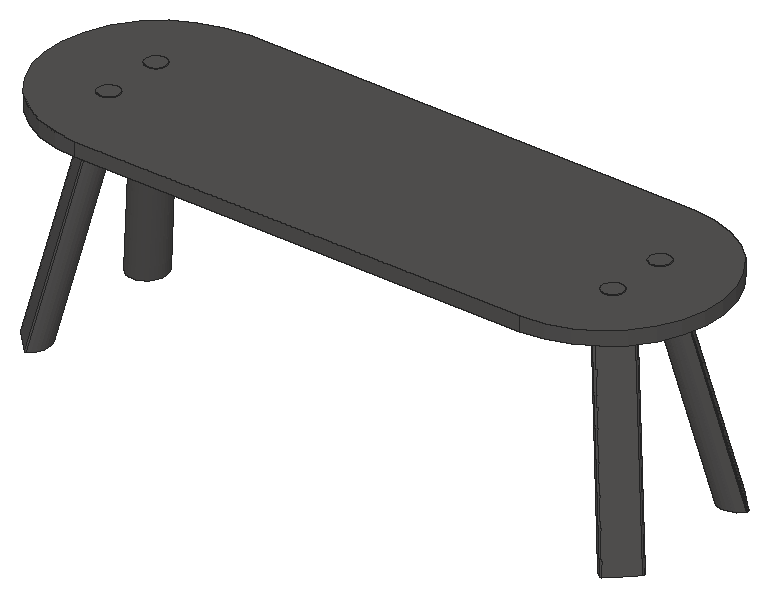
Revit family "Haworth_BuzziMilk_Large Occasional_Table", category Furniture, Revit 2018
Family settings
  OmniClass Number = 23.40.70.14.64.21
  OmniClass Title = Systems Furniture
  Work Plane-Based = No
  Always vertical = Yes
  Cut with Voids When Loaded = No
  Shared = No
  Room Calculation Point = No
Parameters (values of type "HCBZ-MKTO-2")
  Warranty = "http://www.haworth.com/resources/product-info/warranties"
  URL - Product = "https://www.haworth.com/products/tables/side-tables/buzzimilk-table"
  URL = "http://www.haworth.com/our-brands/haworth-collection"
  Table Finish [instance] = Haworth _ Wood _ Stained Ash _ Black (BAS-BLK)
  Size = "Verify Final Dim. w/ Haworth"  # constant formula
  Revision Number = "1"  # constant formula
  Model = "HCBZ-MKTO"  # constant formula
  Manufacturer = "Haworth"  # constant formula
  Description = "Haworth BuzziMilk Large Occasional Table"  # constant formula
  Author = "Haworth (Abd Rahman)"  # constant formula
  Assembly Code = "E2020200"
  Actual Width = 46.85156"  # constant formula
  Actual Height = 15.55078"  # constant formula
  Actual Depth = 15.35156"  # constant formula
Reference planes (in)
  plane 1 "Center F/B": y = 1.75
  plane 2: z = 0
  plane 3 "Back": y = 9.42578
  plane 4 "Front": y = -5.92578
  plane 5 "Top": z = 15.55078
  plane 6 "Right": x = 45.88616
  plane 7 "Left": x = -0.96541
  plane 8: x = 22.46038
  plane 9: z = 14.56758
  plane 10: z = 15.41139
Forms (in)
  Extrusion 1, solid, material "Haworth _ Wood _ Stained Ash _ Black (BAS-BLK)" <- "Table Finish"
    sketch origin (0, 0, 0) x (1, 0, 0) y (0, 1, 0)
      loop
        arc (6.72578, 9.42578) -> (-0.95, 1.75) -> (6.72578, -5.92578) r 7.67578
        line (6.72578, -5.92578) -> (38.19497, -5.92578)
        arc (38.19497, -5.92578) -> (45.87075, 1.75) -> (38.19497, 9.42578) r 7.67578
        line (38.19497, 9.42578) -> (6.72578, 9.42578)
    from 14.56758 to 15.55078
  Extrusion 2, solid, material "Haworth _ Wood _ Stained Ash _ Black (BAS-BLK)" <- "Table Finish"
    sketch origin (5.34105, 16.39445, 0) x (0.707107, -0.707107, 0) y (0.707107, 0.707107, 0)
      loop
        circle (11.32656, -12.33363) r 0.70414
      loop
        circle (8.37674, -9.38381) r 0.70414
      loop
        circle (36.54401, 12.88381) r 0.70414
      loop
        circle (33.59419, 15.83363) r 0.70414
    from 15.41139 to 15.55078
  Blend 3, solid, material "Haworth _ Wood _ Stained Ash _ Black (BAS-BLK)" <- "Table Finish"
    base sketch origin (0, 0, 0) x (1, 0, 0) y (0, 1, 0)
      loop
        line (0.45458, -2.92704) -> (2.03658, -4.50904)
        arc (2.03658, -4.50904) -> (2.11748, -4.5459) -> (2.2027, -4.52063) r 0.12688
        arc (2.2027, -4.52063) -> (2.47019, -2.4946) -> (0.44416, -2.76209) r 1.28759
        arc (0.44416, -2.76209) -> (0.41822, -2.84654) -> (0.45458, -2.92704) r 0.125
    top sketch origin (0, 0, 0) x (1, 0, 0) y (0, 1, 0)
      loop
        line (3.21418, -0.16824) -> (4.79719, -1.75126)
        arc (4.79719, -1.75126) -> (4.87708, -1.78748) -> (4.96104, -1.76208) r 0.12459
        arc (4.96104, -1.76208) -> (5.22545, 0.26066) -> (3.20271, -0.00374) r 1.28656
        arc (3.20271, -0.00374) -> (3.17768, -0.08814) -> (3.21418, -0.16824) r 0.12565
    from 0 to 14.56758
  Blend 4, solid, material "Haworth _ Wood _ Stained Ash _ Black (BAS-BLK)" <- "Table Finish"
    base sketch origin (0, 3.5, 0) x (1, 0, 0) y (0, 1, 0)
      loop
        arc (0.45458, 2.92704) -> (0.41822, 2.84654) -> (0.44416, 2.76209) r 0.125
        arc (0.44416, 2.76209) -> (2.47019, 2.4946) -> (2.2027, 4.52063) r 1.28759
        arc (2.2027, 4.52063) -> (2.11748, 4.5459) -> (2.03658, 4.50904) r 0.12688
        line (2.03658, 4.50904) -> (0.45458, 2.92704)
    top sketch origin (0, 3.5, 0) x (1, 0, 0) y (0, 1, 0)
      loop
        arc (3.21418, 0.16824) -> (3.17768, 0.08814) -> (3.20271, 0.00374) r 0.12565
        arc (3.20271, 0.00374) -> (5.22545, -0.26066) -> (4.96104, 1.76208) r 1.28656
        arc (4.96104, 1.76208) -> (4.87708, 1.78748) -> (4.79719, 1.75126) r 0.12459
        line (4.79719, 1.75126) -> (3.21418, 0.16824)
    from 0 to 14.56758
  Blend 5, solid, material "Haworth _ Wood _ Stained Ash _ Black (BAS-BLK)" <- "Table Finish"
    base sketch origin (44.92075, 0, 0) x (-1, 0, 0) y (0, -1, 0)
      loop
        arc (0.45458, 2.92704) -> (0.41822, 2.84654) -> (0.44416, 2.76209) r 0.125
        arc (0.44416, 2.76209) -> (2.47019, 2.4946) -> (2.2027, 4.52063) r 1.28759
        arc (2.2027, 4.52063) -> (2.11748, 4.5459) -> (2.03658, 4.50904) r 0.12688
        line (2.03658, 4.50904) -> (0.45458, 2.92704)
    top sketch origin (44.92075, 0, 0) x (-1, 0, 0) y (0, -1, 0)
      loop
        arc (3.21418, 0.16824) -> (3.17768, 0.08814) -> (3.20271, 0.00374) r 0.12565
        arc (3.20271, 0.00374) -> (5.22545, -0.26066) -> (4.96104, 1.76208) r 1.28656
        arc (4.96104, 1.76208) -> (4.87708, 1.78748) -> (4.79719, 1.75126) r 0.12459
        line (4.79719, 1.75126) -> (3.21418, 0.16824)
    from 0 to 14.56758
  Blend 6, solid, material "Haworth _ Wood _ Stained Ash _ Black (BAS-BLK)" <- "Table Finish"
    base sketch origin (44.92075, 3.5, 0) x (-1, 0, 0) y (0, -1, 0)
      loop
        line (0.45458, -2.92704) -> (2.03658, -4.50904)
        arc (2.03658, -4.50904) -> (2.11748, -4.5459) -> (2.2027, -4.52063) r 0.12688
        arc (2.2027, -4.52063) -> (2.47019, -2.4946) -> (0.44416, -2.76209) r 1.28759
        arc (0.44416, -2.76209) -> (0.41822, -2.84654) -> (0.45458, -2.92704) r 0.125
    top sketch origin (44.92075, 3.5, 0) x (-1, 0, 0) y (0, -1, 0)
      loop
        line (3.21418, -0.16824) -> (4.79719, -1.75126)
        arc (4.79719, -1.75126) -> (4.87708, -1.78748) -> (4.96104, -1.76208) r 0.12459
        arc (4.96104, -1.76208) -> (5.22545, 0.26066) -> (3.20271, -0.00374) r 1.28656
        arc (3.20271, -0.00374) -> (3.17768, -0.08814) -> (3.21418, -0.16824) r 0.12565
    from 0 to 14.56758
Cuts and joins
  joined: Extrusion 1, Blend 3, Blend 4, Blend 5, Blend 6
Lines and regions (in)
  Masking region 1
    outline origin (0, 0, 0) x (1, 0, 0) y (0, 1, 0)
      loop
        line (38.19497, 9.42578) -> (6.72578, 9.42578)
        arc (6.72578, 9.42578) -> (-0.95, 1.75) -> (6.72578, -5.92578) r 7.67578
        line (6.72578, -5.92578) -> (38.19497, -5.92578)
        arc (38.19497, -5.92578) -> (45.87075, 1.75) -> (38.19497, 9.42578) r 7.67578
Dimensions and locks (in)
  "Actual Width": plane 7 "Left" to plane 6 "Right"
  "Actual Depth": plane 4 "Front" to plane 3 "Back"
  equal spacing: plane 4 "Front", plane 1 "Center F/B", plane 3 "Back"
  "Actual Height": plane 5 "Top" to level
  equal spacing: plane 7 "Left", plane 8, plane 6 "Right"
  aligned and locked: plane 5 "Top" to Extrusion 1
  aligned and locked: plane 9 to Extrusion 1
  aligned and locked: Extrusion 2 to plane 10
  aligned and locked: plane 5 "Top" to Extrusion 2
  aligned and locked: Extrusion 1 to plane 9
  aligned and locked: Blend 3 to plane 9
  aligned and locked: Blend 4 to plane 9
  aligned and locked: Blend 3 to plane 2
  aligned and locked: Blend 4 to plane 2
  aligned and locked: Blend 5 to plane 9
  aligned and locked: Blend 6 to plane 9
  aligned and locked: Blend 5 to plane 2
  aligned and locked: Blend 6 to plane 2
Automatic sketch dimensions
  Extrusion 1 sketch curve to plane 3 "Back" = 0"
  plane 4 "Front" to Extrusion 1 sketch curve = 0"
  Extrusion 1 sketch curve to plane 7 "Left" = 7.69119"
  Extrusion 1 sketch curve to plane 6 "Right" = 7.69119"
  Extrusion 2 sketch curve to plane 1 "Center F/B" = 2.08584"
  Extrusion 2 sketch curve to plane 7 "Left" = 5.59435"
  Extrusion 2 sketch curve to Extrusion 2 sketch curve = 2.94982"  (x4)
  Extrusion 2 sketch curve to Extrusion 2 sketch curve = 25.21745"  (x2)
  Blend 3 sketch curve to plane 7 "Left" = 1.41999"
  Blend 3 sketch curve to Blend 3 sketch curve = 0.08839"  (x2)
  Blend 3 sketch curve to Blend 3 sketch curve = 1.01675"
  Blend 3 sketch curve to Blend 3 sketch curve = 0.47686"
  Blend 3 sketch curve to Blend 3 sketch curve = 0.08972"  (x2)
  Blend 3 sketch curve to plane 4 "Front" = 1.41674"
  Blend 3 sketch curve to Blend 3 sketch curve = 1.01426"
  Blend 3 sketch curve to Blend 3 sketch curve = 0.47802"
  Blend 3 sketch curve to Blend 3 sketch curve = 0.09881"
  plane 1 "Center F/B" to Blend 3 sketch curve = 1.91824"
  Blend 3 sketch curve to plane 7 "Left" = 4.17959"
  Blend 3 sketch curve to Blend 3 sketch curve = 0.08885"  (x2)
  Blend 3 sketch curve to Blend 3 sketch curve = 1.01268"
  Blend 3 sketch curve to Blend 3 sketch curve = 0.48148"
  Blend 3 sketch curve to Blend 3 sketch curve = 0.0881"  (x2)
  Blend 3 sketch curve to Blend 3 sketch curve = 0.48083"
  Blend 3 sketch curve to Blend 3 sketch curve = 1.01409"
  Blend 3 sketch curve to Blend 3 sketch curve = 0.10032"
  plane 7 "Left" to Blend 4 sketch curve = 1.41999"
  Blend 4 sketch curve to Blend 4 sketch curve = 0.08839"  (x2)
  Blend 4 sketch curve to Blend 4 sketch curve = 1.01675"
  Blend 4 sketch curve to Blend 4 sketch curve = 0.47686"
  Blend 4 sketch curve to Blend 4 sketch curve = 0.08972"  (x2)
  plane 3 "Back" to Blend 4 sketch curve = 1.41674"
  Blend 4 sketch curve to Blend 4 sketch curve = 1.01426"
  Blend 4 sketch curve to Blend 4 sketch curve = 0.47802"
  Blend 4 sketch curve to Blend 4 sketch curve = 0.09881"
  plane 1 "Center F/B" to Blend 4 sketch curve = 1.91824"
  plane 7 "Left" to Blend 4 sketch curve = 4.17959"
  Blend 4 sketch curve to Blend 4 sketch curve = 0.08885"  (x2)
  Blend 4 sketch curve to Blend 4 sketch curve = 1.01268"
  Blend 4 sketch curve to Blend 4 sketch curve = 0.48148"
  Blend 4 sketch curve to Blend 4 sketch curve = 0.0881"  (x2)
  Blend 4 sketch curve to Blend 4 sketch curve = 0.48083"
  Blend 4 sketch curve to Blend 4 sketch curve = 1.01409"
  Blend 4 sketch curve to Blend 4 sketch curve = 0.10032"
  plane 6 "Right" to Blend 5 sketch curve = 1.41999"
  Blend 5 sketch curve to Blend 5 sketch curve = 0.08839"  (x2)
  Blend 5 sketch curve to Blend 5 sketch curve = 1.01675"
  Blend 5 sketch curve to Blend 5 sketch curve = 0.47686"
  Blend 5 sketch curve to Blend 5 sketch curve = 0.08972"  (x2)
  plane 4 "Front" to Blend 5 sketch curve = 1.41674"
  Blend 5 sketch curve to Blend 5 sketch curve = 1.01426"
  Blend 5 sketch curve to Blend 5 sketch curve = 0.47802"
  Blend 5 sketch curve to Blend 5 sketch curve = 0.09881"
  Blend 5 sketch curve to plane 1 "Center F/B" = 1.91824"
  plane 6 "Right" to Blend 5 sketch curve = 4.17959"
  Blend 5 sketch curve to Blend 5 sketch curve = 0.08885"  (x2)
  Blend 5 sketch curve to Blend 5 sketch curve = 1.01268"
  Blend 5 sketch curve to Blend 5 sketch curve = 0.48148"
  Blend 5 sketch curve to Blend 5 sketch curve = 0.0881"  (x2)
  Blend 5 sketch curve to Blend 5 sketch curve = 0.48083"
  Blend 5 sketch curve to Blend 5 sketch curve = 1.01409"
  Blend 5 sketch curve to Blend 5 sketch curve = 0.10032"
  Blend 6 sketch curve to plane 6 "Right" = 1.41999"
  Blend 6 sketch curve to Blend 6 sketch curve = 0.08839"  (x2)
  Blend 6 sketch curve to Blend 6 sketch curve = 1.01675"
  Blend 6 sketch curve to Blend 6 sketch curve = 0.47686"
  Blend 6 sketch curve to Blend 6 sketch curve = 0.08972"  (x2)
  Blend 6 sketch curve to plane 3 "Back" = 1.41674"
  Blend 6 sketch curve to Blend 6 sketch curve = 1.01426"
  Blend 6 sketch curve to Blend 6 sketch curve = 0.47802"
  Blend 6 sketch curve to Blend 6 sketch curve = 0.09881"
  Blend 6 sketch curve to plane 1 "Center F/B" = 1.91824"
  Blend 6 sketch curve to plane 6 "Right" = 4.17959"
  Blend 6 sketch curve to Blend 6 sketch curve = 0.08885"  (x2)
  Blend 6 sketch curve to Blend 6 sketch curve = 1.01268"
  Blend 6 sketch curve to Blend 6 sketch curve = 0.48148"
  Blend 6 sketch curve to Blend 6 sketch curve = 0.0881"  (x2)
  Blend 6 sketch curve to Blend 6 sketch curve = 0.48083"
  Blend 6 sketch curve to Blend 6 sketch curve = 1.01409"
  Blend 6 sketch curve to Blend 6 sketch curve = 0.10032"
  Masking region 1 sketch curve to plane 3 "Back" = 0"
  plane 4 "Front" to Masking region 1 sketch curve = 0"
  Masking region 1 sketch curve to plane 6 "Right" = 7.69119"
  Masking region 1 sketch curve to plane 7 "Left" = 7.69119"
  radius of Extrusion 2 sketch curve = 0.70414"  (x4)
